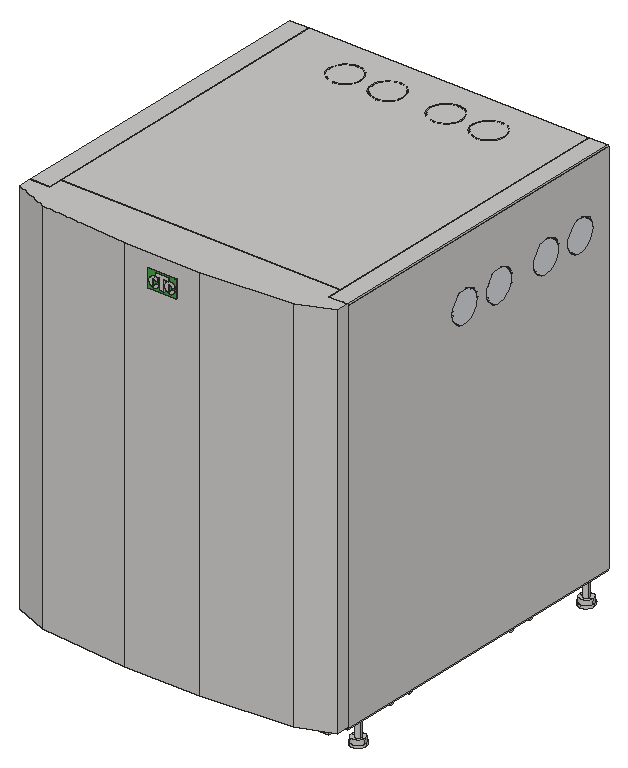
Revit family "HVAC_Heaters_Enertech_CTC-EcoPart-417", category Specialty Equipment, Revit 2017 (continued)
Automatic sketch dimensions
  curve 57 to curve 58 = 0 mm  (x2)
  curve 57 to curve 59 = 0 mm  (x2)
  curve 57 to curve 60 = 0 mm  (x2)
  curve 57 to curve 61 = 0 mm  (x2)
  curve 57 to curve 62 = 0 mm  (x2)
  curve 57 to curve 63 = 0 mm  (x2)
  curve 58 to curve 59 = 0 mm  (x2)
  curve 58 to curve 60 = 0 mm  (x2)
  curve 58 to curve 61 = 0 mm  (x2)
  curve 58 to curve 62 = 0 mm  (x2)
  curve 58 to curve 63 = 0 mm  (x2)
  curve 59 to curve 60 = 0 mm  (x2)
  curve 59 to curve 61 = 0 mm  (x2)
  curve 59 to curve 62 = 0 mm  (x2)
  curve 59 to curve 63 = 0 mm  (x2)
  curve 60 to curve 61 = 0 mm  (x2)
  curve 60 to curve 62 = 0 mm  (x2)
  curve 60 to curve 63 = 0 mm  (x2)
  curve 61 to curve 62 = 0 mm  (x2)
  curve 61 to curve 63 = 0 mm  (x2)
  curve 62 to curve 63 = 0 mm  (x2)
  curve 72 to curve 73 = 0 mm  (x2)
  curve 72 to curve 74 = 0 mm  (x2)
  curve 72 to curve 75 = 0 mm  (x2)
  curve 72 to curve 76 = 0 mm  (x2)
  curve 72 to curve 77 = 0 mm  (x2)
  curve 72 to curve 78 = 0 mm  (x2)
  curve 72 to curve 79 = 0 mm  (x2)
  curve 73 to curve 74 = 0 mm  (x2)
  curve 73 to curve 75 = 0 mm  (x2)
  curve 73 to curve 76 = 0 mm  (x2)
  curve 73 to curve 77 = 0 mm  (x2)
  curve 73 to curve 78 = 0 mm  (x2)
  curve 73 to curve 79 = 0 mm  (x2)
  curve 74 to curve 75 = 0 mm  (x2)
  curve 74 to curve 76 = 0 mm  (x2)
  curve 74 to curve 77 = 0 mm  (x2)
  curve 74 to curve 78 = 0 mm  (x2)
  curve 74 to curve 79 = 0 mm  (x2)
  curve 75 to curve 76 = 0 mm  (x2)
  curve 75 to curve 77 = 0 mm  (x2)
  curve 75 to curve 78 = 0 mm  (x2)
  curve 75 to curve 79 = 0 mm  (x2)
  curve 76 to curve 77 = 0 mm  (x2)
  curve 76 to curve 78 = 0 mm  (x2)
  curve 76 to curve 79 = 0 mm  (x2)
  curve 77 to curve 78 = 0 mm  (x2)
  curve 77 to curve 79 = 0 mm  (x2)
  curve 78 to curve 79 = 0 mm  (x2)
  curve 314 to plane 7 = 0 mm
  curve 2 to plane 5 = 0 mm
  curve 6 to plane 5 = 0 mm
  curve 15 to plane 8 = 0 mm
  plane 7 to curve 2 = 3.5 mm
  curve 1 to curve 2 = 28 mm
  curve 17 to curve 17 = 35 mm
  plane 6 to curve 12 = 14.527 mm
  curve 17 to curve 12 = 26.736 mm
  curve 18 to curve 34 = 99.541 mm
  curve 35 to curve 30 = 0 mm
  curve 24 to curve 35 = 2.001 mm
  curve 34 to curve 25 = 0 mm
  curve 31 to curve 33 = 27.466 mm
  curve 35 to curve 36 = 27.466 mm
  curve 25 to curve 30 = 1 mm
  curve 33 to curve 32 = 2 mm
  curve 24 to curve 37 = 2 mm
  curve 24 to curve 38 = 28.466 mm
  curve 39 to curve 38 = 0 mm
  curve 29 to curve 39 = 2.001 mm
  curve 38 to curve 39 = 0 mm
  curve 39 to curve 50 = 19.066 mm
  curve 51 to curve 50 = 0 mm  (x2)
  curve 46 to curve 50 = 2.001 mm
  plane 6 to curve 12 = 0.5 mm
  curve 12 to plane 3 "Center (Left/Right)" = 57.083 mm
  curve 51 to curve 52 = 27.466 mm
  curve 47 to curve 49 = 27.466 mm
  curve 47 to curve 45 = 28.466 mm
  curve 46 to curve 48 = 2 mm
  curve 41 to curve 53 = 2 mm
  curve 54 to plane 3 "Center (Left/Right)" = 26.526 mm
  curve 55 to curve 54 = 0 mm
  curve 55 to curve 55 = 2.001 mm
  curve 54 to curve 44 = 0 mm
  plane 3 "Center (Left/Right)" to curve 86 = 24.525 mm
  curve 87 to curve 75 = 0 mm
  curve 75 to curve 86 = 2.001 mm
  curve 87 to curve 74 = 0 mm
  curve 86 to curve 85 = 27.466 mm
  curve 77 to curve 80 = 27.466 mm
  curve 77 to curve 73 = 28.466 mm
  curve 77 to curve 81 = 2 mm
  curve 74 to curve 84 = 2 mm
  plane 3 "Center (Left/Right)" to curve 13 = 57.083 mm
  curve 72 to curve 83 = 28.466 mm
  curve 82 to curve 73 = 0 mm
  curve 79 to curve 82 = 2.001 mm
  curve 83 to curve 78 = 0 mm
  curve 78 to curve 71 = 19.066 mm
  curve 70 to curve 71 = 0 mm
  curve 59 to curve 70 = 2.001 mm
  curve 71 to curve 70 = 0 mm
  curve 61 to curve 64 = 27.466 mm
  curve 58 to curve 69 = 27.466 mm
  curve 61 to curve 59 = 28.466 mm
  curve 58 to curve 68 = 2 mm
  curve 61 to curve 65 = 2 mm
  curve 56 to curve 66 = 28.466 mm
  curve 67 to curve 63 = 0 mm
  curve 57 to curve 67 = 2.001 mm
  curve 66 to curve 56 = 0 mm
  plane 6 to curve 14 = 14.527 mm
  curve 14 to plane 8 = 61.736 mm
  curve 21 to plane 8 = 35 mm
  curve 21 to curve 6 = 3.5 mm
  curve 7 to curve 7 = 3.5 mm
  plane 6 to curve 314 = 0.5 mm
  curve 312 to curve 14 = 38.564 mm
  curve 313 to curve 10 = 38.564 mm
  curve 10 to curve 18 = 24.922 mm
  curve 14 to curve 22 = 24.922 mm
  curve 80 to plane 5 = 109.917 mm
  curve 48 to curve 80 = 0 mm
  curve 76 to curve 81 = 0 mm
  curve 32 to curve 48 = 0 mm
  curve 33 to curve 28 = 0 mm
  curve 78 to curve 65 = 0 mm
  curve 64 to curve 65 = 0 mm
  curve 49 to curve 48 = 0 mm
  curve 46 to curve 49 = 2.001 mm
  curve 60 to curve 64 = 2.001 mm
  curve 78 to curve 81 = 2.001 mm
  curve 30 to curve 33 = 2.001 mm
  curve 87 to curve 86 = 2 mm
  curve 45 to curve 54 = 2 mm
  curve 71 to curve 70 = 2 mm
  curve 50 to curve 51 = 2 mm
  curve 79 to curve 83 = 2 mm
  curve 63 to curve 67 = 2 mm
  curve 39 to curve 38 = 2 mm
  curve 30 to curve 35 = 2 mm
  curve 10 to plane 5 = 4 mm
  curve 21 to curve 23 = 26 mm
  curve 208 to curve 212 = 0 mm  (x2)
  curve 214 to curve 215 = 0 mm  (x2)
  curve 217 to curve 218 = 0 mm  (x2)
  curve 221 to curve 222 = 0 mm  (x2)
  curve 227 to curve 231 = 0 mm  (x2)
  curve 233 to curve 234 = 0 mm  (x2)
  curve 236 to curve 237 = 0 mm  (x2)
  curve 240 to curve 241 = 0 mm  (x2)
  curve 248 to curve 249 = 0 mm  (x2)
  curve 248 to curve 250 = 0 mm  (x2)
  curve 248 to curve 251 = 0 mm  (x2)
  curve 248 to curve 252 = 0 mm  (x2)
  curve 248 to curve 253 = 0 mm  (x2)
  curve 248 to curve 254 = 0 mm  (x2)
  curve 248 to curve 255 = 0 mm  (x2)
  curve 249 to curve 250 = 0 mm  (x2)
  curve 249 to curve 251 = 0 mm  (x2)
  curve 249 to curve 252 = 0 mm  (x2)
  curve 249 to curve 253 = 0 mm  (x2)
  curve 249 to curve 254 = 0 mm  (x2)
  curve 249 to curve 255 = 0 mm  (x2)
  curve 250 to curve 251 = 0 mm  (x2)
  curve 250 to curve 252 = 0 mm  (x2)
  curve 250 to curve 253 = 0 mm  (x2)
  curve 250 to curve 254 = 0 mm  (x2)
  curve 250 to curve 255 = 0 mm  (x2)
  curve 251 to curve 252 = 0 mm  (x2)
  curve 251 to curve 253 = 0 mm  (x2)
  curve 251 to curve 254 = 0 mm  (x2)
  curve 251 to curve 255 = 0 mm  (x2)
  curve 252 to curve 253 = 0 mm  (x2)
  curve 252 to curve 254 = 0 mm  (x2)
  curve 252 to curve 255 = 0 mm  (x2)
  curve 253 to curve 254 = 0 mm  (x2)
  curve 253 to curve 255 = 0 mm  (x2)
  curve 254 to curve 255 = 0 mm  (x2)
  curve 264 to curve 265 = 0 mm  (x2)
  curve 264 to curve 266 = 0 mm  (x2)
  curve 264 to curve 267 = 0 mm  (x2)
  curve 264 to curve 268 = 0 mm  (x2)
  curve 264 to curve 269 = 0 mm  (x2)
  curve 264 to curve 270 = 0 mm  (x2)
  curve 264 to curve 271 = 0 mm  (x2)
  curve 265 to curve 266 = 0 mm  (x2)
  curve 265 to curve 267 = 0 mm  (x2)
  curve 265 to curve 268 = 0 mm  (x2)
  curve 265 to curve 269 = 0 mm  (x2)
  curve 265 to curve 270 = 0 mm  (x2)
  curve 265 to curve 271 = 0 mm  (x2)
  curve 266 to curve 267 = 0 mm  (x2)
  curve 266 to curve 268 = 0 mm  (x2)
  curve 266 to curve 269 = 0 mm  (x2)
  curve 266 to curve 270 = 0 mm  (x2)
  curve 266 to curve 271 = 0 mm  (x2)
  curve 267 to curve 268 = 0 mm  (x2)
  curve 267 to curve 269 = 0 mm  (x2)
  curve 267 to curve 270 = 0 mm  (x2)
  curve 267 to curve 271 = 0 mm  (x2)
  curve 268 to curve 269 = 0 mm  (x2)
  curve 268 to curve 270 = 0 mm  (x2)
  curve 268 to curve 271 = 0 mm  (x2)
  curve 269 to curve 270 = 0 mm  (x2)
  curve 269 to curve 271 = 0 mm  (x2)
  curve 270 to curve 271 = 0 mm  (x2)
  curve 280 to curve 281 = 0 mm  (x2)
  curve 280 to curve 282 = 0 mm  (x2)
  curve 280 to curve 283 = 0 mm  (x2)
  curve 280 to curve 284 = 0 mm  (x2)
  curve 280 to curve 285 = 0 mm  (x2)
  curve 280 to curve 286 = 0 mm  (x2)
  curve 280 to curve 287 = 0 mm  (x2)
  curve 281 to curve 282 = 0 mm  (x2)
  curve 281 to curve 283 = 0 mm  (x2)
  curve 281 to curve 284 = 0 mm  (x2)
  curve 281 to curve 285 = 0 mm  (x2)
  curve 281 to curve 286 = 0 mm  (x2)
  curve 281 to curve 287 = 0 mm  (x2)
  curve 282 to curve 283 = 0 mm  (x2)
  curve 282 to curve 284 = 0 mm  (x2)
  curve 282 to curve 285 = 0 mm  (x2)
  curve 282 to curve 286 = 0 mm  (x2)
  curve 282 to curve 287 = 0 mm  (x2)
  curve 283 to curve 284 = 0 mm  (x2)
  curve 283 to curve 285 = 0 mm  (x2)
  curve 283 to curve 286 = 0 mm  (x2)
  curve 283 to curve 287 = 0 mm  (x2)
  curve 284 to curve 285 = 0 mm  (x2)
  curve 284 to curve 286 = 0 mm  (x2)
  curve 284 to curve 287 = 0 mm  (x2)
  curve 285 to curve 286 = 0 mm  (x2)
  curve 285 to curve 287 = 0 mm  (x2)
  curve 286 to curve 287 = 0 mm  (x2)
  curve 296 to curve 297 = 0 mm  (x2)
  curve 296 to curve 298 = 0 mm  (x2)
  curve 296 to curve 299 = 0 mm  (x2)
  curve 296 to curve 300 = 0 mm  (x2)
  curve 296 to curve 301 = 0 mm  (x2)
  curve 296 to curve 302 = 0 mm  (x2)
  curve 296 to curve 303 = 0 mm  (x2)
  curve 297 to curve 298 = 0 mm  (x2)
  curve 297 to curve 299 = 0 mm  (x2)
  curve 297 to curve 300 = 0 mm  (x2)
  curve 297 to curve 301 = 0 mm  (x2)
  curve 297 to curve 302 = 0 mm  (x2)
  curve 297 to curve 303 = 0 mm  (x2)
  curve 298 to curve 299 = 0 mm  (x2)
  curve 298 to curve 300 = 0 mm  (x2)
  curve 298 to curve 301 = 0 mm  (x2)
  curve 298 to curve 302 = 0 mm  (x2)
  curve 298 to curve 303 = 0 mm  (x2)
  curve 299 to curve 300 = 0 mm  (x2)
  curve 299 to curve 301 = 0 mm  (x2)
  curve 299 to curve 302 = 0 mm  (x2)
  curve 299 to curve 303 = 0 mm  (x2)
  curve 300 to curve 301 = 0 mm  (x2)
  curve 300 to curve 302 = 0 mm  (x2)
  curve 300 to curve 303 = 0 mm  (x2)
  curve 301 to curve 302 = 0 mm  (x2)
  curve 301 to curve 303 = 0 mm  (x2)
  curve 302 to curve 303 = 0 mm  (x2)
  curve 316 to plane 4 = 0 mm
  curve 316 to level = 0 mm
  curve 181 to level = 0 mm
  curve 168 to level = 0 mm
  curve 193 to plane 5 = 0 mm
  curve 195 to plane 5 = 4 mm
  level to curve 166 = 4 mm
  curve 166 to plane 5 = 21.73 mm
  curve 164 to curve 166 = 2 mm
  curve 164 to curve 164 = 7.375 mm
  curve 258 to plane 5 = 40.049 mm
  curve 259 to curve 254 = 0 mm
  curve 175 to curve 162 = 10 mm
  curve 258 to curve 254 = 2.001 mm
  curve 259 to curve 255 = 0 mm
  curve 170 to curve 172 = 7.375 mm
  curve 169 to curve 170 = 2 mm
  curve 262 to curve 249 = 27.466 mm
  curve 256 to curve 258 = 27.466 mm
  curve 249 to curve 256 = 1 mm
  curve 263 to curve 248 = 2 mm
  curve 257 to curve 254 = 2 mm
  curve 260 to curve 248 = 28.466 mm
  curve 261 to curve 250 = 0 mm
  curve 260 to curve 250 = 2.001 mm
  curve 261 to curve 251 = 0 mm
  curve 275 to curve 260 = 19.066 mm
  curve 274 to curve 264 = 0 mm
  curve 275 to curve 264 = 2.001 mm
  curve 274 to curve 265 = 0 mm
  level to curve 242 = 24.995 mm
  curve 242 to curve 169 = 81.281 mm
  level to curve 243 = 26.409 mm
  curve 243 to curve 242 = 1.414 mm
  level to curve 242 = 16.828 mm
  level to curve 243 = 18.242 mm
  curve 241 to curve 240 = 1.414 mm
  level to curve 239 = 18.242 mm
  level to curve 238 = 16.828 mm
  curve 278 to curve 265 = 27.466 mm
  curve 272 to curve 271 = 27.466 mm
  curve 268 to curve 272 = 1 mm
  curve 273 to curve 270 = 2 mm
  curve 279 to curve 265 = 2 mm
  level to curve 239 = 26.828 mm
  curve 239 to curve 240 = 8.587 mm
  level to curve 238 = 25.414 mm
  curve 238 to curve 239 = 1.414 mm
  curve 235 to curve 238 = 1.414 mm
  curve 234 to curve 236 = 18.343 mm
  level to curve 226 = 25.414 mm
  curve 226 to curve 234 = 1.414 mm
  level to curve 232 = 26.828 mm
  curve 276 to curve 264 = 28.466 mm
  curve 277 to curve 276 = 0 mm
  curve 277 to curve 268 = 2.001 mm
  curve 276 to curve 277 = 0 mm
  level to curve 226 = 16.828 mm
  curve 226 to curve 234 = 8.587 mm
  level to curve 232 = 18.242 mm
  curve 232 to curve 226 = 1.414 mm
  curve 227 to curve 232 = 1.414 mm
  level to curve 230 = 18.242 mm
  level to curve 228 = 16.828 mm
  level to curve 230 = 26.409 mm
  curve 230 to curve 230 = 8.167 mm
  curve 290 to curve 269 = 49.049 mm
  curve 291 to curve 286 = 0 mm
  curve 290 to curve 286 = 2.001 mm
  curve 291 to curve 287 = 0 mm
  curve 288 to curve 287 = 27.466 mm
  curve 294 to curve 281 = 27.466 mm
  curve 286 to curve 288 = 1 mm
  curve 289 to curve 286 = 2 mm
  curve 295 to curve 294 = 2 mm
  curve 293 to curve 280 = 28.466 mm
  curve 292 to curve 284 = 0 mm
  curve 293 to curve 284 = 2.001 mm
  curve 292 to curve 285 = 0 mm
  curve 306 to curve 293 = 19.066 mm
  curve 307 to curve 302 = 0 mm
  curve 306 to curve 302 = 2.001 mm
  curve 307 to curve 303 = 0 mm
  plane 1 "Center (Front/Back)" to curve 304 = 3 mm
  plane 1 "Center (Front/Back)" to curve 310 = 3 mm
  plane 1 "Center (Front/Back)" to curve 297 = 4 mm
  curve 305 to curve 304 = 2 mm
  curve 311 to curve 310 = 2 mm
  curve 309 to curve 296 = 28.466 mm
  curve 308 to curve 309 = 0 mm
  curve 309 to curve 309 = 2.001 mm
  curve 308 to curve 301 = 0 mm
  plane 1 "Center (Front/Back)" to curve 225 = 75.261 mm
  level to curve 224 = 26.409 mm
  curve 224 to curve 223 = 1.414 mm
  level to curve 223 = 16.828 mm
  curve 223 to curve 223 = 8.167 mm
  level to curve 224 = 18.242 mm
  curve 221 to curve 221 = 1.414 mm
  level to curve 220 = 18.242 mm
  level to curve 219 = 16.828 mm
  level to curve 220 = 26.828 mm
  curve 220 to curve 220 = 8.587 mm
  level to curve 219 = 25.414 mm
  curve 219 to curve 217 = 1.414 mm
  curve 216 to curve 219 = 1.414 mm
  curve 214 to curve 217 = 18.343 mm
  level to curve 207 = 25.414 mm
  curve 207 to curve 215 = 1.414 mm
  level to curve 213 = 26.828 mm
  level to curve 207 = 16.828 mm
  curve 207 to curve 215 = 8.587 mm
  level to curve 213 = 18.242 mm
  curve 213 to curve 208 = 1.414 mm
  curve 212 to curve 213 = 1.414 mm
  level to curve 211 = 18.242 mm
  level to curve 209 = 16.828 mm
  level to curve 211 = 26.409 mm
  curve 211 to curve 211 = 8.167 mm
  curve 179 to curve 209 = 72.511 mm
  curve 177 to curve 178 = 2 mm
  curve 176 to curve 176 = 7.375 mm
  curve 184 to curve 174 = 10 mm
  curve 184 to curve 184 = 7.375 mm
  curve 180 to curve 182 = 2 mm
  curve 188 to curve 204 = 39.375 mm
  plane 6 to curve 190 = 0.5 mm
  curve 180 to curve 182 = 4 mm
  curve 177 to curve 176 = 8 mm
  curve 165 to curve 162 = 8 mm
  curve 240 to curve 241 = 1.414 mm
  curve 232 to curve 227 = 1.414 mm
  curve 213 to curve 212 = 1.414 mm
  curve 220 to curve 221 = 1.414 mm
  curve 218 to curve 218 = 1.414 mm
  level to curve 186 = 28 mm
  curve 164 to curve 195 = 16 mm
  level to curve 189 = 52.5 mm
  curve 273 to plane 4 = 167.467 mm
  curve 305 to plane 4 = 167.467 mm
  curve 305 to curve 304 = 0 mm
  curve 273 to curve 256 = 0 mm
  curve 273 to curve 272 = 0 mm
  curve 257 to curve 254 = 0 mm
  curve 302 to curve 289 = 0 mm
  curve 289 to curve 288 = 0 mm
  curve 273 to curve 273 = 2.001 mm
  curve 288 to curve 288 = 2.001 mm
  curve 257 to curve 257 = 2.001 mm
  curve 304 to curve 304 = 2.001 mm
  curve 255 to curve 259 = 2 mm
  curve 302 to curve 307 = 2 mm
  curve 301 to curve 308 = 2 mm
  curve 277 to curve 276 = 2 mm
  curve 270 to curve 275 = 2 mm
  curve 253 to curve 260 = 2 mm
  curve 284 to curve 292 = 2 mm
  curve 287 to curve 291 = 2 mm
  curve 194 to curve 190 = 47 mm
  curve 193 to plane 4 = 19 mm
  curve 315 to plane 5 = 4 mm
  curve 246 to curve 187 = 24.922 mm
  curve 188 to curve 247 = 13.835 mm
  curve 162 to curve 199 = 19.518 mm
  curve 128 to plane 7 = 0 mm
  curve 95 to level = 0 mm
  curve 127 to plane 4 = 0 mm
  curve 115 to level = 0 mm
  curve 123 to plane 8 = 0 mm
  plane 7 to curve 95 = 6.125 mm
  plane 7 to curve 92 = 8.125 mm
  curve 89 to curve 91 = 15.5 mm
  curve 90 to curve 101 = 10 mm
  level to curve 99 = 4 mm
  curve 100 to curve 99 = 7.375 mm
  curve 98 to curve 98 = 2 mm
  curve 99 to curve 104 = 4.125 mm
  curve 103 to curve 104 = 7.5 mm
  curve 135 to plane 3 "Center (Left/Right)" = 27.5 mm
  curve 135 to curve 136 = 2 mm
  curve 134 to curve 134 = 2 mm
  curve 139 to plane 3 "Center (Left/Right)" = 11.835 mm
  curve 139 to curve 142 = 0.137 mm
  curve 138 to curve 140 = 0.268 mm
  curve 139 to plane 3 "Center (Left/Right)" = 5.46 mm
  curve 137 to curve 140 = 0.087 mm
  curve 147 to plane 3 "Center (Left/Right)" = 3.818 mm
  curve 148 to plane 3 "Center (Left/Right)" = 3.81 mm
  plane 3 "Center (Left/Right)" to curve 146 = 3.815 mm
  curve 145 to curve 144 = 7.883 mm
  curve 144 to curve 151 = 6.467 mm
  curve 150 to curve 152 = 0.268 mm
  curve 150 to curve 151 = 6.375 mm
  curve 149 to curve 152 = 0.087 mm
  curve 152 to curve 132 = 0.873 mm
  curve 143 to curve 129 = 13.802 mm
  curve 130 to curve 131 = 2 mm
  level to curve 106 = 15.656 mm
  curve 106 to plane 8 = 44.5 mm
  curve 107 to curve 109 = 7.5 mm
  curve 106 to curve 115 = 9.625 mm
  curve 114 to curve 158 = 2 mm
  curve 109 to curve 110 = 11.5 mm
  curve 110 to curve 156 = 10 mm
  level to curve 118 = 4 mm
  curve 118 to plane 8 = 8.125 mm
  curve 118 to curve 117 = 2 mm
  curve 93 to curve 154 = 8 mm
  curve 118 to curve 121 = 8 mm
  curve 105 to curve 159 = 12.344 mm
  curve 103 to curve 102 = 19.518 mm
  curve 108 to curve 121 = 19.518 mm
  curve 133 to plane 4 = 73.482 mm
  curve 134 to curve 147 = 1.88 mm
  curve 147 to curve 140 = 7.647 mm
  curve 132 to curve 152 = 9.527 mm
  curve 137 to curve 139 = 4.452 mm
  curve 149 to curve 151 = 4.452 mm
  curve 139 to curve 141 = 7.839 mm
  curve 141 to curve 147 = 0.008 mm
  curve 141 to curve 145 = 0.006 mm
  curve 145 to curve 144 = 0.006 mm
  curve 141 to curve 143 = 5.341 mm
  curve 142 to curve 136 = 1.841 mm
  curve 102 to curve 127 = 27.22 mm
  curve 126 to plane 3 "Center (Left/Right)" = 70 mm
  curve 138 to curve 140 = 3.241 mm
  curve 138 to curve 137 = 0.004 mm
  curve 150 to curve 152 = 3.241 mm
  curve 150 to curve 149 = 0.004 mm
  curve 130 to curve 125 = 42.5 mm
  curve 124 to plane 8 = 64.22 mm
  curve 161 to curve 107 = 3.005 mm
  curve 161 to curve 160 = 1.414 mm
  curve 102 to curve 127 = 5 mm
  curve 149 to curve 152 = 7.6 mm
  curve 137 to curve 140 = 7.6 mm
  curve 137 to curve 138 = 3.801 mm
  curve 149 to curve 150 = 3.801 mm
  plane 7 to Extrusion 1 sketch curve = 2 mm
  Extrusion 1 sketch curve to Extrusion 1 sketch curve = 35 mm
  plane 6 to Extrusion 1 sketch curve = 14.335 mm  (x2)
  Extrusion 1 sketch curve to Extrusion 1 sketch curve = 27.22 mm
  plane 6 to Extrusion 1 sketch curve = 1.5 mm
  Extrusion 1 sketch curve to plane 3 "Center (Left/Right)" = 70 mm
  plane 3 "Center (Left/Right)" to Extrusion 1 sketch curve = 70 mm
  Extrusion 1 sketch curve to plane 8 = 64.22 mm
  Extrusion 1 sketch curve to plane 8 = 37 mm
  Extrusion 1 sketch curve to plane 8 = 2 mm
  plane 6 to Extrusion 1 sketch curve = 39.064 mm  (x2)
  Extrusion 1 sketch curve to Extrusion 1 sketch curve = 24.922 mm  (x2)
  Extrusion 1 sketch curve to Extrusion 1 sketch curve = 26 mm
  plane 7 to Extrusion 2 sketch curve = 37 mm
  Extrusion 2 sketch curve to Extrusion 2 sketch curve = 2 mm  (x4)
  Extrusion 2 sketch curve to plane 5 = 6 mm
  Extrusion 2 sketch curve to plane 8 = 39 mm
  plane 6 to Extrusion 2 sketch curve = 91.986 mm
  plane 7 to Extrusion 3 sketch curve = 37 mm
  Extrusion 3 sketch curve to plane 8 = 37 mm
  plane 6 to Extrusion 3 sketch curve = 89.986 mm
  Extrusion 3 sketch curve to plane 5 = 4 mm
  Extrusion 4 sketch curve to plane 7 = 0 mm
  Extrusion 4 sketch curve to plane 8 = 0 mm
  plane 7 to Extrusion 4 sketch curve = 2 mm
  Extrusion 4 sketch curve to Extrusion 4 sketch curve = 31 mm
  Extrusion 4 sketch curve to Extrusion 4 sketch curve = 2 mm  (x6)
  Extrusion 4 sketch curve to Extrusion 4 sketch curve = 35 mm
  Extrusion 4 sketch curve to plane 8 = 2 mm
  plane 6 to Extrusion 4 sketch curve = 63.986 mm  (x2)
  Extrusion 4 sketch curve to plane 5 = 6 mm  (x2)
  plane 7 to Extrusion 5 sketch curve = 2 mm
  Extrusion 5 sketch curve to plane 5 = 4 mm  (x2)
  Extrusion 5 sketch curve to Extrusion 5 sketch curve = 35 mm
  Extrusion 5 sketch curve to plane 8 = 37 mm
  Extrusion 5 sketch curve to plane 8 = 2 mm
  plane 6 to Extrusion 5 sketch curve = 63.986 mm  (x2)
  plane 7 to Extrusion 6 sketch curve = 2 mm
  plane 7 to Extrusion 6 sketch curve = 37 mm
  Extrusion 6 sketch curve to plane 8 = 37 mm
  Extrusion 6 sketch curve to plane 8 = 2 mm
  level to Extrusion 6 sketch curve = 28 mm
  Extrusion 6 sketch curve to Extrusion 6 sketch curve = 19.518 mm  (x2)
  Extrusion 6 sketch curve to Extrusion 6 sketch curve = 5 mm
  Extrusion 7 sketch curve to Extrusion 7 sketch curve = 0 mm  (x246)
  plane 7 to Extrusion 7 sketch curve = 134.541 mm
  Extrusion 7 sketch curve to Extrusion 7 sketch curve = 2.001 mm  (x12)
  Extrusion 7 sketch curve to Extrusion 7 sketch curve = 27.466 mm  (x8)
  Extrusion 7 sketch curve to Extrusion 7 sketch curve = 28.466 mm  (x5)
  Extrusion 7 sketch curve to Extrusion 7 sketch curve = 2 mm  (x16)
  Extrusion 7 sketch curve to Extrusion 7 sketch curve = 19.066 mm  (x2)
  Extrusion 7 sketch curve to plane 3 "Center (Left/Right)" = 26.526 mm
  plane 3 "Center (Left/Right)" to Extrusion 7 sketch curve = 24.525 mm
  Extrusion 7 sketch curve to Extrusion 7 sketch curve = 1 mm  (x2)
  Extrusion 7 sketch curve to plane 5 = 109.917 mm  (x2)
  Extrusion 8 sketch curve to Extrusion 8 sketch curve = 0 mm  (x246)
  plane 1 "Center (Front/Back)" to Extrusion 8 sketch curve = 34.467 mm
  Extrusion 8 sketch curve to Extrusion 8 sketch curve = 2.001 mm  (x12)
  plane 1 "Center (Front/Back)" to Extrusion 8 sketch curve = 5 mm  (x2)
  plane 1 "Center (Front/Back)" to Extrusion 8 sketch curve = 4 mm
  Extrusion 8 sketch curve to Extrusion 8 sketch curve = 2 mm  (x16)
  Extrusion 8 sketch curve to plane 1 "Center (Front/Back)" = 24.466 mm
  Extrusion 8 sketch curve to Extrusion 8 sketch curve = 19.066 mm  (x2)
  Extrusion 8 sketch curve to Extrusion 8 sketch curve = 27.466 mm  (x6)
  Extrusion 8 sketch curve to Extrusion 8 sketch curve = 1 mm
  Extrusion 8 sketch curve to Extrusion 8 sketch curve = 28.466 mm  (x5)
  Extrusion 8 sketch curve to Extrusion 8 sketch curve = 49.049 mm
  Extrusion 8 sketch curve to plane 4 = 167.467 mm  (x2)
  Extrusion 9 sketch curve to Extrusion 9 sketch curve = 0 mm  (x246)
  plane 7 to Extrusion 9 sketch curve = 134.533 mm
  Extrusion 9 sketch curve to Extrusion 9 sketch curve = 2.001 mm  (x12)
  Extrusion 9 sketch curve to Extrusion 9 sketch curve = 27.466 mm  (x8)
  Extrusion 9 sketch curve to Extrusion 9 sketch curve = 1 mm  (x2)
  Extrusion 9 sketch curve to Extrusion 9 sketch curve = 2 mm  (x16)
  Extrusion 9 sketch curve to Extrusion 9 sketch curve = 28.466 mm  (x5)
  Extrusion 9 sketch curve to Extrusion 9 sketch curve = 19.066 mm  (x2)
  Extrusion 9 sketch curve to plane 3 "Center (Left/Right)" = 26.534 mm
  plane 3 "Center (Left/Right)" to Extrusion 9 sketch curve = 24.516 mm
  Extrusion 9 sketch curve to plane 4 = 167.767 mm  (x2)
  Extrusion 10 sketch curve to Extrusion 10 sketch curve = 0 mm  (x4)
  plane 7 to Extrusion 10 sketch curve = 17.5 mm
  Extrusion 10 sketch curve to plane 8 = 17.5 mm
  Extrusion 10 sketch curve to plane 4 = 33 mm  (x2)
  Extrusion 11 sketch curve to Extrusion 11 sketch curve = 0 mm  (x16)
  level to Extrusion 11 sketch curve = 24.995 mm  (x2)
  plane 1 "Center (Front/Back)" to Extrusion 11 sketch curve = 141.253 mm
  level to Extrusion 11 sketch curve = 26.409 mm  (x4)
  Extrusion 11 sketch curve to Extrusion 11 sketch curve = 1.414 mm  (x20)
  level to Extrusion 11 sketch curve = 16.828 mm  (x8)
  level to Extrusion 11 sketch curve = 18.242 mm  (x8)
  level to Extrusion 11 sketch curve = 26.828 mm  (x4)
  Extrusion 11 sketch curve to Extrusion 11 sketch curve = 8.587 mm  (x4)
  level to Extrusion 11 sketch curve = 25.414 mm  (x4)
  Extrusion 11 sketch curve to Extrusion 11 sketch curve = 18.343 mm  (x2)
  Extrusion 11 sketch curve to Extrusion 11 sketch curve = 8.167 mm  (x2)
  Extrusion 11 sketch curve to plane 1 "Center (Front/Back)" = 138.747 mm
  Revolve 12 sketch curve to level = 0 mm  (x2)
  plane 7 to Revolve 12 sketch curve = 18.5 mm
  Revolve 12 sketch curve to Revolve 12 sketch curve = 12.375 mm
  Revolve 12 sketch curve to Revolve 12 sketch curve = 2 mm
  Revolve 12 sketch curve to Revolve 12 sketch curve = 4 mm
  Revolve 12 sketch curve to Revolve 12 sketch curve = 8 mm
  Revolve 12 sketch curve to Revolve 12 sketch curve = 0 mm  (x2)
  Revolve 13 sketch curve to level = 0 mm  (x2)
  plane 8 to Revolve 13 sketch curve = 18.5 mm
  Revolve 13 sketch curve to Revolve 13 sketch curve = 12.375 mm
  Revolve 13 sketch curve to Revolve 13 sketch curve = 2 mm
  Revolve 13 sketch curve to Revolve 13 sketch curve = 4 mm
  Revolve 13 sketch curve to Revolve 13 sketch curve = 8 mm
  Revolve 13 sketch curve to Revolve 13 sketch curve = 0 mm  (x2)
  Revolve 14 sketch curve to level = 0 mm  (x2)
  plane 7 to Revolve 14 sketch curve = 18.5 mm
  Revolve 14 sketch curve to Revolve 14 sketch curve = 12.375 mm
  Revolve 14 sketch curve to Revolve 14 sketch curve = 2 mm
  Revolve 14 sketch curve to Revolve 14 sketch curve = 4 mm
  Revolve 14 sketch curve to Revolve 14 sketch curve = 8 mm
  Revolve 14 sketch curve to Revolve 14 sketch curve = 0 mm  (x2)
  Revolve 15 sketch curve to level = 0 mm  (x2)
  plane 8 to Revolve 15 sketch curve = 18.5 mm
  Revolve 15 sketch curve to Revolve 15 sketch curve = 12.375 mm
  Revolve 15 sketch curve to Revolve 15 sketch curve = 2 mm
  Revolve 15 sketch curve to Revolve 15 sketch curve = 4 mm
  Revolve 15 sketch curve to Revolve 15 sketch curve = 8 mm
  Revolve 15 sketch curve to Revolve 15 sketch curve = 0 mm  (x2)
  plane 7 to Extrusion 16 sketch curve = 18.5 mm  (x2)
  Extrusion 16 sketch curve to plane 8 = 18.5 mm  (x2)
  plane 6 to Extrusion 16 sketch curve = 108.361 mm  (x2)
  Extrusion 16 sketch curve to plane 5 = 32.605 mm  (x2)
  Extrusion 17 sketch curve to plane 3 "Center (Left/Right)" = 27.5 mm
  Extrusion 17 sketch curve to Extrusion 17 sketch curve = 2 mm  (x3)
  plane 3 "Center (Left/Right)" to Extrusion 17 sketch curve = 25.5 mm  (x2)
  Extrusion 17 sketch curve to plane 4 = 73.482 mm
  Extrusion 17 sketch curve to Extrusion 17 sketch curve = 29 mm
  Extrusion 18 sketch curve to plane 3 "Center (Left/Right)" = 11.835 mm
  Extrusion 18 sketch curve to Extrusion 18 sketch curve = 0.137 mm
  Extrusion 18 sketch curve to Extrusion 18 sketch curve = 0.268 mm  (x2)
  Extrusion 18 sketch curve to plane 3 "Center (Left/Right)" = 5.46 mm
  Extrusion 18 sketch curve to Extrusion 18 sketch curve = 0.087 mm  (x2)
  Extrusion 18 sketch curve to plane 3 "Center (Left/Right)" = 3.818 mm
  Extrusion 18 sketch curve to plane 3 "Center (Left/Right)" = 3.81 mm
  plane 3 "Center (Left/Right)" to Extrusion 18 sketch curve = 3.815 mm
  Extrusion 18 sketch curve to Extrusion 18 sketch curve = 7.883 mm
  Extrusion 18 sketch curve to Extrusion 18 sketch curve = 6.467 mm
  Extrusion 18 sketch curve to Extrusion 18 sketch curve = 6.375 mm
  Extrusion 18 sketch curve to plane 4 = 69.602 mm
  Extrusion 18 sketch curve to Extrusion 18 sketch curve = 7.647 mm  (x2)
  Extrusion 18 sketch curve to Extrusion 18 sketch curve = 4.452 mm  (x2)
  Extrusion 18 sketch curve to Extrusion 18 sketch curve = 7.839 mm
  Extrusion 18 sketch curve to Extrusion 18 sketch curve = 0.008 mm
  Extrusion 18 sketch curve to Extrusion 18 sketch curve = 0.006 mm  (x2)
  Extrusion 18 sketch curve to Extrusion 18 sketch curve = 5.32 mm
  Extrusion 18 sketch curve to Extrusion 18 sketch curve = 2.969 mm
  Extrusion 18 sketch curve to Extrusion 18 sketch curve = 0.004 mm  (x2)
  Extrusion 18 sketch curve to Extrusion 18 sketch curve = 3.241 mm
  Extrusion 18 sketch curve to Extrusion 18 sketch curve = 7.6 mm  (x2)
  Extrusion 18 sketch curve to Extrusion 18 sketch curve = 3.801 mm  (x2)
  Extrusion 19 sketch curve to plane 5 = 0 mm
  Extrusion 19 sketch curve to plane 7 = 0 mm
  Extrusion 19 sketch curve to plane 8 = 0 mm
  plane 6 to Extrusion 19 sketch curve = 0.5 mm
  Extrusion 20 sketch curve to plane 3 "Center (Left/Right)" = 134.992 mm
  Extrusion 20 sketch curve to plane 3 "Center (Left/Right)" = 54.992 mm
  plane 3 "Center (Left/Right)" to Extrusion 20 sketch curve = 54.992 mm
  Extrusion 20 sketch curve to Extrusion 20 sketch curve = 80 mm
  Extrusion 20 sketch curve to plane 5 = 79.45 mm  (x4)
  Extrusion 21 sketch curve to plane 3 "Center (Left/Right)" = 135 mm
  Extrusion 21 sketch curve to plane 3 "Center (Left/Right)" = 55 mm
  plane 3 "Center (Left/Right)" to Extrusion 21 sketch curve = 54.984 mm
  Extrusion 21 sketch curve to Extrusion 21 sketch curve = 80 mm
  Extrusion 21 sketch curve to plane 4 = 137.3 mm
  Extrusion 21 sketch curve to Extrusion 21 sketch curve = 0 mm  (x3)
  plane 1 "Center (Front/Back)" to Extrusion 22 sketch curve = 4 mm
  Extrusion 22 sketch curve to plane 1 "Center (Front/Back)" = 76 mm
  Extrusion 22 sketch curve to Extrusion 22 sketch curve = 109.984 mm
  Extrusion 22 sketch curve to plane 5 = 70.516 mm
  Extrusion 22 sketch curve to plane 4 = 137 mm
  Extrusion 22 sketch curve to Extrusion 22 sketch curve = 0 mm  (x3)
  plane 1 "Center (Front/Back)" to Extrusion 23 sketch curve = 4 mm
  Extrusion 23 sketch curve to plane 1 "Center (Front/Back)" = 76 mm
  Extrusion 23 sketch curve to Extrusion 23 sketch curve = 109.984 mm
  Extrusion 23 sketch curve to plane 5 = 70.516 mm
  Extrusion 23 sketch curve to plane 4 = 137 mm
  Extrusion 23 sketch curve to Extrusion 23 sketch curve = 0 mm  (x3)
  radius of Extrusion 10 sketch curve = 14 mm  (x2)
  radius of Extrusion 10 sketch curve = 12.4 mm  (x2)
  radius of Extrusion 16 sketch curve = 5 mm  (x4)
  radius of Extrusion 20 sketch curve = 28.484 mm  (x4)
  radius of Extrusion 21 sketch curve = 28.484 mm  (x4)
  radius of Extrusion 22 sketch curve = 28.484 mm  (x4)
  radius of Extrusion 23 sketch curve = 28.484 mm  (x4)
Connectors
  electrical at (-280.5, 336.5, 742), driven by "NumberOfPoles"
    settings: on Extrusion 10, index 1, voltage 0 V, apparent load 0 VA, apparent load phase1 0 VA, apparent load phase2 0 VA, apparent load phase3 0 VA, power factor 1, load classification "Other", number of poles 3, system type 31, power factor state 1, is connector primary yes, connector utility no, sub classification motor no, connector description ""
  piping at (-134.992, 257.05, 757), diameter 28
    settings: on Extrusion 20, index 2, connector inside diameter 609.6 mm, connector length 0 mm, flow factor 0, pipe flow 0.0 L/s, pressure drop 0.0 Pa, fitting loss kfactor 0, connector angle 0.00°, fixture units 0, engagement length 0 mm, angle of deflection 0.00°, flow configuration 0, flow direction 1, fitting loss method 0, system type 19, joint type 0, gender type 0, connector reference index -1, connector utility 0, adjustable connector no, is connector primary yes, connector description ""
  piping at (-54.992, 257.05, 757), diameter 28
    settings: on Extrusion 20, index 3, connector inside diameter 609.6 mm, connector length 0 mm, flow factor 0, pipe flow 0.0 L/s, pressure drop 0.0 Pa, fitting loss kfactor 0, connector angle 0.00°, fixture units 0, engagement length 0 mm, angle of deflection 0.00°, flow configuration 0, flow direction 2, fitting loss method 0, system type 19, joint type 0, gender type 0, connector reference index -1, connector utility 0, adjustable connector no, is connector primary no, connector description ""
  piping at (54.992, 257.05, 757), diameter 28
    settings: on Extrusion 20, index 4, connector inside diameter 609.6 mm, connector length 0 mm, flow factor 0, pipe flow 0.0 L/s, pressure drop 0.0 Pa, fitting loss kfactor 0, connector angle 0.00°, fixture units 0, engagement length 0 mm, angle of deflection 0.00°, flow configuration 0, flow direction 2, fitting loss method 0, system type 22, joint type 0, gender type 0, connector reference index -1, connector utility 0, adjustable connector no, is connector primary no, connector description ""
  piping at (134.992, 257.05, 757), diameter 28
    settings: on Extrusion 20, index 5, connector inside diameter 609.6 mm, connector length 0 mm, flow factor 0, pipe flow 0.0 L/s, pressure drop 0.0 Pa, fitting loss kfactor 0, connector angle 0.00°, fixture units 0, engagement length 0 mm, angle of deflection 0.00°, flow configuration 0, flow direction 1, fitting loss method 0, system type 22, joint type 0, gender type 0, connector reference index -1, connector utility 0, adjustable connector no, is connector primary no, connector description ""
  piping at (134.984, 330.5, 637.7), diameter 28
    settings: on Extrusion 21, index 6, connector inside diameter 609.6 mm, connector length 0 mm, flow factor 0, pipe flow 0.0 L/s, pressure drop 0.0 Pa, fitting loss kfactor 0, connector angle 0.00°, fixture units 0, engagement length 0 mm, angle of deflection 0.00°, flow configuration 0, flow direction 1, fitting loss method 0, system type 22, joint type 0, gender type 0, connector reference index -1, connector utility 0, adjustable connector no, is connector primary no, connector description ""
  piping at (54.984, 330.5, 637.7), diameter 28
    settings: on Extrusion 21, index 7, connector inside diameter 609.6 mm, connector length 0 mm, flow factor 0, pipe flow 0.0 L/s, pressure drop 0.0 Pa, fitting loss kfactor 0, connector angle 0.00°, fixture units 0, engagement length 0 mm, angle of deflection 0.00°, flow configuration 0, flow direction 2, fitting loss method 0, system type 22, joint type 0, gender type 0, connector reference index -1, connector utility 0, adjustable connector no, is connector primary no, connector description ""
  piping at (-55, 330.5, 637.7), diameter 28
    settings: on Extrusion 21, index 8, connector inside diameter 609.6 mm, connector length 0 mm, flow factor 0, pipe flow 0.0 L/s, pressure drop 0.0 Pa, fitting loss kfactor 0, connector angle 0.00°, fixture units 0, engagement length 0 mm, angle of deflection 0.00°, flow configuration 0, flow direction 2, fitting loss method 0, system type 19, joint type 0, gender type 0, connector reference index -1, connector utility 0, adjustable connector no, is connector primary no, connector description ""
  piping at (-135, 330.5, 637.7), diameter 28
    settings: on Extrusion 21, index 9, connector inside diameter 609.6 mm, connector length 0 mm, flow factor 0, pipe flow 0.0 L/s, pressure drop 0.0 Pa, fitting loss kfactor 0, connector angle 0.00°, fixture units 0, engagement length 0 mm, angle of deflection 0.00°, flow configuration 0, flow direction 1, fitting loss method 0, system type 19, joint type 0, gender type 0, connector reference index -1, connector utility 0, adjustable connector no, is connector primary no, connector description ""
  piping at (-298, 265.984, 638), diameter 28
    settings: on Extrusion 22, index 10, connector inside diameter 609.6 mm, connector length 0 mm, flow factor 0, pipe flow 0.0 L/s, pressure drop 0.0 Pa, fitting loss kfactor 0, connector angle 0.00°, fixture units 0, engagement length 0 mm, angle of deflection 0.00°, flow configuration 0, flow direction 1, fitting loss method 0, system type 19, joint type 0, gender type 0, connector reference index -1, connector utility 0, adjustable connector no, is connector primary no, connector description ""
  piping at (-298, 185.984, 638), diameter 28
    settings: on Extrusion 22, index 11, connector inside diameter 609.6 mm, connector length 0 mm, flow factor 0, pipe flow 0.0 L/s, pressure drop 0.0 Pa, fitting loss kfactor 0, connector angle 0.00°, fixture units 0, engagement length 0 mm, angle of deflection 0.00°, flow configuration 0, flow direction 2, fitting loss method 0, system type 19, joint type 0, gender type 0, connector reference index -1, connector utility 0, adjustable connector no, is connector primary no, connector description ""
  piping at (-298, 76, 638), diameter 28
    settings: on Extrusion 22, index 12, connector inside diameter 609.6 mm, connector length 0 mm, flow factor 0, pipe flow 0.0 L/s, pressure drop 0.0 Pa, fitting loss kfactor 0, connector angle 0.00°, fixture units 0, engagement length 0 mm, angle of deflection 0.00°, flow configuration 0, flow direction 2, fitting loss method 0, system type 22, joint type 0, gender type 0, connector reference index -1, connector utility 0, adjustable connector no, is connector primary no, connector description ""
  piping at (-298, -4, 638), diameter 28
    settings: on Extrusion 22, index 13, connector inside diameter 609.6 mm, connector length 0 mm, flow factor 0, pipe flow 0.0 L/s, pressure drop 0.0 Pa, fitting loss kfactor 0, connector angle 0.00°, fixture units 0, engagement length 0 mm, angle of deflection 0.00°, flow configuration 0, flow direction 1, fitting loss method 0, system type 22, joint type 0, gender type 0, connector reference index -1, connector utility 0, adjustable connector no, is connector primary no, connector description ""
  piping at (298, -4, 638), diameter 28
    settings: on Extrusion 23, index 14, connector inside diameter 609.6 mm, connector length 0 mm, flow factor 0, pipe flow 0.0 L/s, pressure drop 0.0 Pa, fitting loss kfactor 0, connector angle 0.00°, fixture units 0, engagement length 0 mm, angle of deflection 0.00°, flow configuration 0, flow direction 1, fitting loss method 0, system type 22, joint type 0, gender type 0, connector reference index -1, connector utility 0, adjustable connector no, is connector primary no, connector description ""
  piping at (298, 76, 638), diameter 28
    settings: on Extrusion 23, index 15, connector inside diameter 609.6 mm, connector length 0 mm, flow factor 0, pipe flow 0.0 L/s, pressure drop 0.0 Pa, fitting loss kfactor 0, connector angle 0.00°, fixture units 0, engagement length 0 mm, angle of deflection 0.00°, flow configuration 0, flow direction 2, fitting loss method 0, system type 22, joint type 0, gender type 0, connector reference index -1, connector utility 0, adjustable connector no, is connector primary no, connector description ""
  piping at (298, 185.984, 638), diameter 28
    settings: on Extrusion 23, index 16, connector inside diameter 609.6 mm, connector length 0 mm, flow factor 0, pipe flow 0.0 L/s, pressure drop 0.0 Pa, fitting loss kfactor 0, connector angle 0.00°, fixture units 0, engagement length 0 mm, angle of deflection 0.00°, flow configuration 0, flow direction 2, fitting loss method 0, system type 19, joint type 0, gender type 0, connector reference index -1, connector utility 0, adjustable connector no, is connector primary no, connector description ""
  piping at (298, 265.984, 638), diameter 28
    settings: on Extrusion 23, index 17, connector inside diameter 609.6 mm, connector length 0 mm, flow factor 0, pipe flow 0.0 L/s, pressure drop 0.0 Pa, fitting loss kfactor 0, connector angle 0.00°, fixture units 0, engagement length 0 mm, angle of deflection 0.00°, flow configuration 0, flow direction 1, fitting loss method 0, system type 19, joint type 0, gender type 0, connector reference index -1, connector utility 0, adjustable connector no, is connector primary no, connector description ""
Types (11, lengths in mm): name | Weight | SpecifiedOutput | SoundPowerLWA | Sound pressureLPA 1m | SCOPWarm | SCOPCold | RefrigerantQuantity | RatedHeatOutputModerate | RatedCurrent | NumberOfPoles | NominalVoltage | ModelNumber | MaxStartingCurrent | Model | InPutPower | GroupFuse | EnergyClassHeatingWithoutControl | EANNumber | COP | CO2Equivalent
  CTC EcoPart 414 - 400V3N | "171 kg" | "14.47 kW" | "53 dB" | "48 dB" | "4.4" | "4.6" | "2.7 kg" | "16 kW" | 12.2 A | 3 | 400 V | "585700035" | "29.1 A" | "CTC EcoPart 414" | "3.19 kW" | "16 A" | "A++/A++" | "7333077000554" | "4.54" | "4.789 tonnes"
  CTC EcoPart 417 - 400V3N | "172 kg" | "16.24 kW" | "51 dB" | "48 dB" | "4.7" | "4.8" | "2.7 kg" | "N/A" | 13.9 A | 3 | 400 V | "585700036" | "32 A" | "CTC EcoPart 417" | "3.72 kW" | "16 A" | "A+++/A++" | "7333077000561" | "4.36" | "4.789 tonnes"
  CTC EcoPart 412 - 400V3N | "165 kg" | "11.75 kW" | "50 dB" | "45 dB" | "4.7" | "4.8" | "2.3 kg" | "13 kW" | 9.6 A | 3 | 400 V | "585700004" | "23.5 A" | "CTC EcoPart 412" | "2.55 kW" | "16 A" | "A+++/A++" | "7333077000479" | "4.6" | "4.080 tonnes"
  CTC EcoPart 410 - 400V3N | "151 kg" | "9.97 kW" | "49 dB" | "44 dB" | "4.7" | "4.8" | "1.9 kg" | "11 kW" | 8.1 A | 3 | 400 V | "585700003" | "19.8 A" | "CTC EcoPart 410" | "2.17 kW" | "10 A" | "A+++/A++" | "7333077000462" | "4.6" | "3.370 tonnes"
  CTC EcoPart 408 - 400V3N | "145 kg" | "8.19 kW" | "46 dB" | "41 dB" | "4.7" | "4.8" | "1.9 kg" | "9 kW" | 6.5 A | 3 | 400 V | "585700002" | "17.7 A" | "CTC EcoPart 408" | "1.79 kW" | "10 A" | "A+++/A++" | "7333077000455" | "4.58" | "3.370 tonnes"
  CTC EcoPart 406 - 400V3N | "148 kg" | "5.9 kW" | "43 dB" | "38 dB" | "4.7" | "4.8" | "1.9 kg" | "7 kW" | 5.8 A | 3 | 400 V | "585700001" | "16.6 A" | "CTC EcoPart 406" | "1.29 kW" | "10 A" | "A+++/A++" | "7333077000448" | "4.57" | "3.370 tonnes"
  CTC EcoPart 406 - 230V1N | "150 kg" | "5.9 kW" | "43 dB" | "38 dB" | "4.7" | "4.8" | "1.9 kg" | "N/A" | 14 A | 1 | 230 V | "585700011" | "30 A" | "CTC EcoPart 406" | "1.29 kW" | "10 A" | "A+++/A++" | "7333077000509" | "4.57" | "3.370 tonnes"
  CTC EcoPart 408 - 230V1N | "146 kg" | "8.19 kW" | "46 dB" | "41 dB" | "4.7" | "4.8" | "1.9 kg" | "N/A" | 19.5 A | 3 | 400 V | "585700012" | "30 A" | "CTC EcoPart 408" | "1.79 kW" | "20 A" | "A+++/A++" | "7333077000516" | "4.58" | "3.370 tonnes"
  CTC EcoPart 410 - 230V1N | "152 kg" | "9.97 kW" | "49 dB" | "44 dB" | "4.7" | "4.8" | "1.9 kg" | "N/A" | 21.6 A | 3 | 400 V | "585700013" | "30 A" | "CTC EcoPart 410" | "2.17 kW" | "25 A" | "A+++/A++" | "7333077000523" | "4.6" | "3.370 tonnes"
  CTC EcoPart 412 - 230V1N | "166 kg" | "11.75 kW" | "50 dB" | "45 dB" | "4.7" | "4.8" | "2.3 kg" | "N/A" | 27.1 A | 3 | 400 V | "585700014" | "30 A" | "CTC EcoPart 412" | "2.55 kW" | "32 A" | "A+++/A++" | "7333077000530" | "4.6" | "4.080 tonnes"
  CTC EcoPart 414 - 230V1N | "167 kg" | "14.47 kW" | "53 dB" | "48 dB" | "4.4" | "4.6" | "2.7 kg" | "N/A" | 33.2 A | 3 | 400 V | "585700015" | "30 A" | "CTC EcoPart 414" | "3.19 kW" | "35 A" | "A++/A++" | "7333077000547" | "4.54" | "4.789 tonnes"
